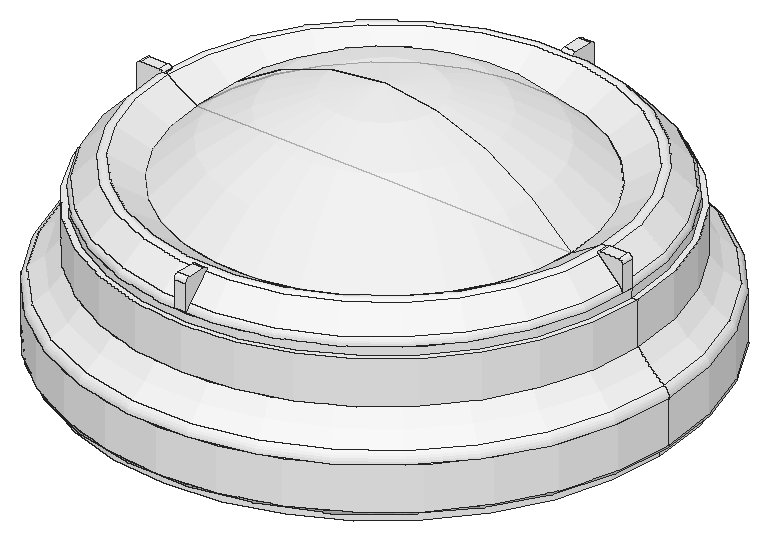
Revit family "2101A_HBA_Wasp2", category Communication Devices, host Face, Revit 2021
Family settings
  Host = Face
  Maintain Annotation Orientation = No
  Round Connector Dimension = Use Diameter
  Part Type = Normal
  OmniClass Number = 23.85.80.11.27
  OmniClass Title = Lighting Controls
  Cut with Voids When Loaded = No
  Shared = Yes
  Room Calculation Point = No
Parameters
  Width = 4.00"
  Warranty = "5-Years Warranty"  # constant formula
  Type Comments = "Occupancy Sensors and Controllers"  # constant formula
  Product Page URL = ""
  Product Documentation Link = ""
  URL = "https://www.currentlighting.com/nxlightingcontrols"
  Power Requirements = "Line Voltage sensors: 120/277/347VAC, 208/240VAC, 480VAC, 60 Hz\r\nLow Voltage sensors: 24VDC (uses UVPP or MP-Series power pack – not included)"  # constant formula
  Model = "WASP™ 2 Occupancy Sensor"  # constant formula
  Manufacturer = " NX Lighting Controls"  # constant formula
  Sensing Element = Glass -  White
  Features = "Digital Passive Infrared (PIR) sensor \r\n\t Supported mounting heights: High mount lens: 30 ft (9.14m) outdoors; 45 ft indoors (13.72m) \r\n\tLow mount lens: 16 ft indoors/outdoors (4.88m) \r\n\t Multiple (single and dual) output versions \r\n\t Unique Smart Cycling for improved lamp life \r\n\t End mount and surface mount versions \r\n\tInterchangeable high/low area detection lens options \r\n\t Low voltage and line voltage models available \r\n\t Daylight sensor for daylight harvesting applications \r\n\t Low temperature/water-tight/indoor-outdoor versions \r\n\t Withstands low temperature and conforms to IP65 water- tight-standards \r\n\t UL and cUL listed \r\n\t Five-year limited warranty \r\n"  # constant formula
  Description = "The WASP2 Indoor/Outdoor Occupancy Sensor is specifically\r\ndesigned for On/Off control of high bay fixtures in warehouse,\r\ndistribution centers and similar facilities. The WASP2 sensor is also\r\navailable for low mount applications when using the appropriate\r\nlens. The sensor is available in end mount and surface mount\r\nversions with either single or dual outputs"  # constant formula
  Default Elevation = 48.00"
  Coverage = "360°, 180°, Aisle, Half Aisle"
  Copyright = "Copyright ©  NX Lighting Controls"  # constant formula
  Contact Us = ""
  Housing Material = Paint -  Matte White
  Certifications = "Conforms to UL STD 508, UL STD 244A"
  Assembly Code = "D5090"
Reference planes (in)
  plane 1 "Center (Front/Back)": y = 10.63342
  plane 2: z = 0
  plane 3 "Center (Left/Right)": x = 0
  plane 4: x = -2
  plane 5: x = 2
  plane 6: y = 12.63342
  plane 7: y = 8.63342
  plane 8: through (0.87749, -180, 1.95871) normal (0.7071, 0, 0.7071)
  plane 9: z = 1.5
Forms (in)
  Revolve 1, solid, material "Paint -  Matte White" <- "Housing Material"
    sketch origin (0, 10.63342, 0) x (1, 0, 0) y (0, 0, 1)
      loop
        line (0, 0) -> (1.93821, 0) -> (1.93821, 0.06683) -> (1.97955, 0.06683)
        arc (1.97955, 0.06683) -> (1.99401, 0.07282) -> (2, 0.08728) r 0.02045
        line (2, 0.08728) -> (2, 0.38388)
        arc (2, 0.38388) -> (1.99014, 0.42292) -> (1.96293, 0.4526) r 0.08223
        arc (1.96293, 0.4526) -> (1.8637, 0.53245) -> (1.78157, 0.6298) r 0.66286
        line (1.78157, 0.6298) -> (1.78157, 0.92962) -> (0, 0.92962) -> (0, 0)
      axis (0, 0.92962) -> (0, 0)
    angle from 0 to 360
  Revolve 2, solid, material "Paint -  Matte White" <- "Housing Material"
    sketch origin (0, 10.63342, 0) x (1, 0, 0) y (0, 0, 1)
      loop
        line (0, 0.92962) -> (1.74219, 0.92962) -> (1.74219, 0.98265)
        arc (1.74219, 0.98265) -> (1.73675, 1.01) -> (1.72125, 1.03319) r 0.07147
        line (1.72125, 1.03319) -> (1.5804, 1.17404)
        arc (1.5804, 1.17404) -> (1.55312, 1.1875) -> (1.52328, 1.18156) r 0.04732
        line (1.52328, 1.18156) -> (1.31627, 1.06204) -> (0, 1.06204) -> (0, 0.92962)
      axis (0, 1.18156) -> (0, 0.92962)
    angle from 0 to 360
  Revolve 3, solid, material "Glass -  White" <- "Sensing Element"
    sketch origin (0, 10.63342, 0) x (1, 0, 0) y (0, 0, 1)
      loop
        line (0, 1.05919) -> (1.31627, 1.05919)
        arc (1.31627, 1.05919) -> (0.72014, 1.49838) -> (0, 1.67058) r 1.86237
        line (0, 1.67058) -> (0, 1.05919)
      axis (0, 1.67058) -> (0, 1.05919)
    angle from 0 to 360
  Extrusion 4, solid, material "Paint -  Matte White" <- "Housing Material"
    sketch origin (0, 10.63342, 0) x (1, 0, 0) y (0, 0, 1)
      loop
        arc (1.74157, 1.16813) -> (1.73241, 1.19025) -> (1.71028, 1.19941) r 0.03129
        line (1.71028, 1.19941) -> (1.5858, 1.19941)
        arc (1.5858, 1.19941) -> (1.56688, 1.19348) -> (1.55474, 1.17781) r 0.03314
        line (1.55474, 1.17781) -> (1.74157, 0.99097) -> (1.74157, 1.16813)
    from 0.08 to 0
  Extrusion 5, solid, material "Paint -  Matte White" <- "Housing Material"
    sketch origin (0, 10.63342, 0) x (0, -1, 0) y (0, 0, 1)
      loop
        arc (1.74157, 1.16813) -> (1.73241, 1.19025) -> (1.71028, 1.19941) r 0.03129
        line (1.71028, 1.19941) -> (1.5858, 1.19941)
        arc (1.5858, 1.19941) -> (1.56688, 1.19348) -> (1.55474, 1.17781) r 0.03314
        line (1.55474, 1.17781) -> (1.74157, 0.99097) -> (1.74157, 1.16813)
    from 0.08 to 0
  Extrusion 6, solid, material "Paint -  Matte White" <- "Housing Material"
    sketch origin (0, 10.63342, 0) x (-1, 0, 0) y (0, 0, 1)
      loop
        arc (1.74157, 1.16813) -> (1.73241, 1.19025) -> (1.71028, 1.19941) r 0.03129
        line (1.71028, 1.19941) -> (1.5858, 1.19941)
        arc (1.5858, 1.19941) -> (1.56688, 1.19348) -> (1.55474, 1.17781) r 0.03314
        line (1.55474, 1.17781) -> (1.74157, 0.99097) -> (1.74157, 1.16813)
    from 0.08 to 0
  Extrusion 7, solid, material "Paint -  Matte White" <- "Housing Material"
    sketch origin (0, 10.63342, 0) x (0, 1, 0) y (0, 0, 1)
      loop
        arc (1.74157, 1.16813) -> (1.73241, 1.19025) -> (1.71028, 1.19941) r 0.03129
        line (1.71028, 1.19941) -> (1.5858, 1.19941)
        arc (1.5858, 1.19941) -> (1.56688, 1.19348) -> (1.55474, 1.17781) r 0.03314
        line (1.55474, 1.17781) -> (1.74157, 0.99097) -> (1.74157, 1.16813)
    from 0.08 to 0
Dimensions and locks (in)
  "Width": plane 4 to plane 5
  "Width": plane 7 to plane 6
  equal spacing: plane 4, plane 3 "Center (Left/Right)", plane 5
  equal spacing: plane 7, plane 1 "Center (Front/Back)", plane 6
  plane 9 to plane 2 = 1.50"
  plane 4 to plane 5 = 4.00"
  aligned and locked: plane 2 to host face
  aligned and locked: level to host face
Automatic sketch dimensions
  host sketch curve to host sketch curve = 96.00"  (x2)
  Revolve 2 sketch curve to plane 3 "Center (Left/Right)" = 0.00"  (x2)
  Revolve 2 sketch curve to plane 5 = 0.68373"
  Revolve 2 sketch curve to Revolve 2 sketch curve = 0.20701"
  Revolve 2 sketch curve to Revolve 2 sketch curve = 0.02366"
  Revolve 2 sketch curve to Revolve 2 sketch curve = 0.03346"  (x2)
  Revolve 2 sketch curve to Revolve 2 sketch curve = 0.12378"
  Revolve 2 sketch curve to Revolve 2 sketch curve = 0.05054"
  Revolve 2 sketch curve to Revolve 2 sketch curve = 0.07147"
  plane 9 to Revolve 2 sketch curve = 0.57038"
  Revolve 2 sketch curve to Revolve 2 sketch curve = 0.05302"
  Revolve 2 sketch curve to Revolve 2 sketch curve = 0.13242"
  Revolve 2 sketch curve to Revolve 2 sketch curve = 0.15794"
  Revolve 2 sketch curve to level = 0.4412"
  Revolve 2 sketch curve to plane 9 = 0.66233"
  Revolve 1 sketch curve to plane 3 "Center (Left/Right)" = 0.00"  (x2)
  Revolve 1 sketch curve to level = 0.00"
  Revolve 1 sketch curve to plane 5 = 0.00"
  Revolve 1 sketch curve to plane 5 = 0.21843"
  Revolve 1 sketch curve to plane 5 = 0.08223"
  Revolve 1 sketch curve to plane 5 = 0.06179"
  Revolve 1 sketch curve to plane 5 = 0.02045"
  plane 5 to Revolve 1 sketch curve = 0.32694"
  level to Revolve 1 sketch curve = 0.06683"
  Revolve 1 sketch curve to Revolve 1 sketch curve = 0.2966"
  Revolve 1 sketch curve to Revolve 1 sketch curve = 0.24592"
  plane 9 to Revolve 1 sketch curve = 0.57038"
  plane 9 to Revolve 1 sketch curve = 0.49344"
  Revolve 1 sketch curve to Revolve 1 sketch curve = 1.25"
  Revolve 1 sketch curve to plane 9 = 2.25"
  Revolve 3 sketch curve to plane 3 "Center (Left/Right)" = 0.00"  (x2)
  Revolve 3 sketch curve to plane 3 "Center (Left/Right)" = 0.0644"
  Revolve 3 sketch curve to level = 0.19068"
  plane 9 to Revolve 3 sketch curve = 0.44081"
  Revolve 3 sketch curve to Revolve 3 sketch curve = 0.2765"
  Revolve 3 sketch curve to plane 9 = 0.17058"
  Revolve 3 sketch curve to Revolve 3 sketch curve = 0.11212"
  Extrusion 4 sketch curve to Extrusion 4 sketch curve = 0.12448"
  Extrusion 4 sketch curve to Extrusion 4 sketch curve = 0.03107"
  Extrusion 4 sketch curve to Extrusion 4 sketch curve = 0.0216"
  Extrusion 4 sketch curve to Extrusion 4 sketch curve = 0.00185"
  Extrusion 4 sketch curve to plane 5 = 0.44526"
  plane 9 to Extrusion 4 sketch curve = 0.50903"
  Extrusion 4 sketch curve to Extrusion 4 sketch curve = 0.1753"
  Extrusion 5 sketch curve to plane 7 = 0.44526"
  Extrusion 5 sketch curve to Extrusion 5 sketch curve = 0.03107"
  Extrusion 5 sketch curve to Extrusion 5 sketch curve = 0.12448"
  Extrusion 5 sketch curve to Extrusion 5 sketch curve = 0.03129"
  plane 9 to Extrusion 5 sketch curve = 0.50903"
  Extrusion 5 sketch curve to Extrusion 5 sketch curve = 0.1753"
  Extrusion 5 sketch curve to Extrusion 5 sketch curve = 0.00185"
  plane 4 to Extrusion 6 sketch curve = 0.44526"
  Extrusion 6 sketch curve to Extrusion 6 sketch curve = 0.03107"
  Extrusion 6 sketch curve to Extrusion 6 sketch curve = 0.12448"
  Extrusion 6 sketch curve to Extrusion 6 sketch curve = 0.03129"
  plane 9 to Extrusion 6 sketch curve = 0.50903"
  Extrusion 6 sketch curve to Extrusion 6 sketch curve = 0.1753"
  Extrusion 6 sketch curve to Extrusion 6 sketch curve = 0.00185"
  plane 6 to Extrusion 7 sketch curve = 0.44526"
  Extrusion 7 sketch curve to Extrusion 7 sketch curve = 0.03107"
  Extrusion 7 sketch curve to Extrusion 7 sketch curve = 0.12448"
  Extrusion 7 sketch curve to Extrusion 7 sketch curve = 0.03129"
  plane 9 to Extrusion 7 sketch curve = 0.50903"
  Extrusion 7 sketch curve to Extrusion 7 sketch curve = 0.1753"
  Extrusion 7 sketch curve to Extrusion 7 sketch curve = 0.00185"
Connectors (in)
  electrical at (0, 10.63342, 0)
    settings: on Revolve 1, index 1, voltage 0 V, apparent load 0 VA, apparent load phase1 0 VA, apparent load phase2 0 VA, apparent load phase3 0 VA, power factor 1, load classification "Other", number of poles 1, system type 13, power factor state 1, is connector primary yes, connector utility no, sub classification motor no, connector description "Occupancy Sensors and Controller"
